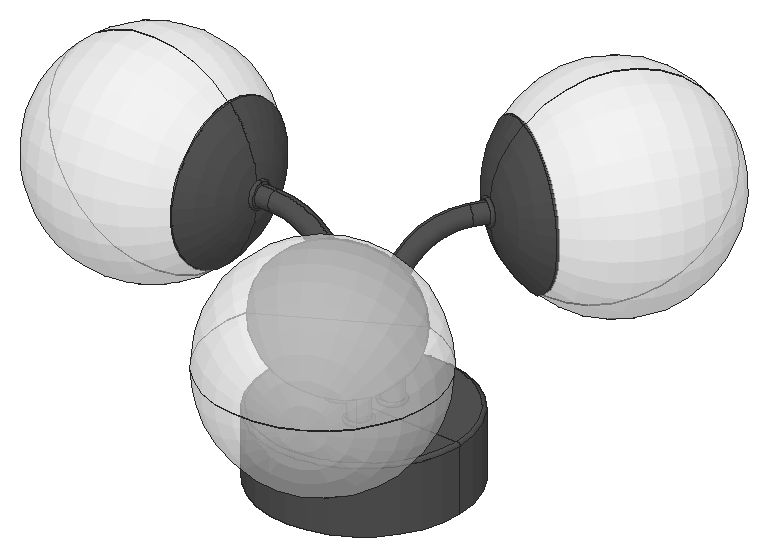
Revit family "AFX-Metropolitan-Semi_Flush", category Lighting Fixtures, host Face, Revit 2022
Family settings
  Host = Face
  Round Connector Dimension = Use Diameter
  Part Type = Normal
  Cut with Voids When Loaded = No
  Light Source = No
  Maintain Annotation Orientation = No
  Shared = No
  Room Calculation Point = No
Parameters (values of type "METC15")
  Wattage Comments = "18W"
  Voltage = 120 V
  URL = "https://www.afxinc.com/"
  Type Comments = "Metropolitan"  # constant formula
  Sustainability = "https://lamprecycle.org/en/"
  Support Finish = AFX - Paint Black
  Revit Model Built By = "https://www.servex-us.com/servex-revit/"
  Product Documentation Link = "https://www.afxinc.com/products/productDetail.cfm?productID=1647"
  Power Factor = 1
  Model = "METC15"  # constant formula
  Manufacturer = "AFX Inc"  # constant formula
  Keynote = "12500"  # constant formula
  Diffuser Finish = AFX - Diffuser
  Diameter = 15 1/2"
  Description = "LED Semi Flush - 15 1/2\" Dia x 7 3/4\"D"
  Depth = 7 3/4"
  Default Elevation = 48"
  Canopy Finish = AFX - Paint Black
  Assembly Code = "D5020200"
  Apparent Load = 0 VA
Reference planes (in)
  plane 1 "Center (Front/Back)": y = 0
  plane 2: z = 0
  plane 3 "Center (Left/Right)": x = 0
  plane 4: x = -7.75
  plane 5: x = 7.75
  plane 6: y = 7.75
  plane 7: y = -7.75
  plane 8: z = 7.75
Forms (in)
  Revolve 1, solid, material "AFX - Paint Black" <- "Canopy Finish"
    sketch origin (0, 0, 0) x (1, 0, 0) y (0, 0, 1)
      loop
        line (0, 1.5748) -> (0, 0) -> (2.3622, 0) -> (2.3622, 1.49753)
        arc (2.3622, 1.49753) -> (2.33957, 1.55217) -> (2.28493, 1.5748) r 0.07727
        line (2.28493, 1.5748) -> (0, 1.5748)
      axis (0, 1.5748) -> (0, 0)
    angle from 0 to 360
  Sweep 2, solid, material "AFX - Paint Black" <- "Support Finish"
    path origin (0, 0, 0) x (1, 0, 0) y (0, 0, 1)
      loop
        line (-2.51969, 5.54519) -> (-2.16445, 5.54519)
        arc (-2.16445, 5.54519) -> (-0.88869, 5.01675) -> (-0.36025, 3.74099) r 1.8042
        line (-0.36025, 3.74099) -> (-0.36025, 1.65354)
    profile origin (-2.34207, 0, 5.54519) x (0, 0, 1) y (0, -1, 0)
      loop
        circle (-0.23034, 0) r 0.23034
  Sweep 3, solid, material "AFX - Paint Black" <- "Support Finish"
    path origin (0, 0, 0) x (-0.5, -0.866025, 0) y (0, 0, 1)
      loop
        line (-2.51969, 5.54519) -> (-2.16445, 5.54519)
        arc (-2.16445, 5.54519) -> (-0.88869, 5.01675) -> (-0.36025, 3.74099) r 1.8042
        line (-0.36025, 3.74099) -> (-0.36025, 1.65354)
    profile origin (1.17103, 2.02829, 5.54519) x (0, 0, 1) y (-0.866025, 0.5, 0)
      loop
        circle (-0.23034, 0) r 0.23034
  Sweep 4, solid, material "AFX - Paint Black" <- "Support Finish"
    path origin (0, 0, 0) x (-0.5, 0.866025, 0) y (0, 0, -1)
      loop
        line (-2.51969, -5.54519) -> (-2.16445, -5.54519)
        arc (-2.16445, -5.54519) -> (-0.88869, -5.01675) -> (-0.36025, -3.74099) r 1.8042
        line (-0.36025, -3.74099) -> (-0.36025, -1.65354)
    profile origin (1.17103, -2.02829, 5.54519) x (0, 0, -1) y (-0.866025, -0.5, 0)
      loop
        circle (0.23034, 0) r 0.23034
  Revolve 5, solid, material "AFX - Paint Black" <- "Support Finish"
    sketch origin (0, 0, 0) x (1, 0, 0) y (0, 0, 1)
      loop
        line (-0.59059, 1.65354) -> (-0.59059, 1.5748) -> (-0.32085, 1.5748)
        arc (-0.32085, 1.5748) -> (-0.28148, 1.61417) -> (-0.32085, 1.65354) r 0.03937
        line (-0.32085, 1.65354) -> (-0.59059, 1.65354)
      axis (-0.59059, 1.5748) -> (-0.59059, 1.65354)
    angle from 0 to 360
  Revolve 6, solid, material "AFX - Paint Black" <- "Support Finish"
    sketch origin (0, 0, 0) x (-0.5, -0.866025, 0) y (0, 0, 1)
      loop
        line (-0.59059, 1.65354) -> (-0.59059, 1.5748) -> (-0.32085, 1.5748)
        arc (-0.32085, 1.5748) -> (-0.28148, 1.61417) -> (-0.32085, 1.65354) r 0.03937
        line (-0.32085, 1.65354) -> (-0.59059, 1.65354)
      axis (-0.59059, 1.5748) -> (-0.59059, 1.65354)
    angle from 0 to 360
  Revolve 7, solid, material "AFX - Paint Black" <- "Support Finish"
    sketch origin (0, 0, 0) x (-0.5, 0.866025, 0) y (0, 0, -1)
      loop
        line (-0.59059, -1.65354) -> (-0.32085, -1.65354)
        arc (-0.32085, -1.65354) -> (-0.28148, -1.61417) -> (-0.32085, -1.5748) r 0.03937
        line (-0.32085, -1.5748) -> (-0.59059, -1.5748) -> (-0.59059, -1.65354)
      axis (-0.59059, -1.5748) -> (-0.59059, -1.65354)
    angle from 0 to 360
  Revolve 8, solid, material "AFX - Paint Black" <- "Support Finish"
    sketch origin (0, 0, 0) x (1, 0, 0) y (0, 0, 1)
      loop
        line (-2.59843, 5.31496) -> (-2.51969, 5.31496) -> (-2.51969, 5.58467)
        arc (-2.51969, 5.58467) -> (-2.55906, 5.62404) -> (-2.59843, 5.58467) r 0.03937
        line (-2.59843, 5.58467) -> (-2.59843, 5.31496)
      axis (-2.59843, 5.31496) -> (-2.51969, 5.31496)
    angle from 0 to 360
  Revolve 9, solid, material "AFX - Paint Black" <- "Support Finish"
    sketch origin (0, 0, 0) x (-0.5, -0.866025, 0) y (0, 0, 1)
      loop
        line (-2.59843, 5.31496) -> (-2.51969, 5.31496) -> (-2.51969, 5.58467)
        arc (-2.51969, 5.58467) -> (-2.55906, 5.62404) -> (-2.59843, 5.58467) r 0.03937
        line (-2.59843, 5.58467) -> (-2.59843, 5.31496)
      axis (-2.59843, 5.31496) -> (-2.51969, 5.31496)
    angle from 0 to 360
  Revolve 10, solid, material "AFX - Paint Black" <- "Support Finish"
    sketch origin (0, 0, 0) x (-0.5, 0.866025, 0) y (0, 0, -1)
      loop
        line (-2.59843, -5.31496) -> (-2.59843, -5.58467)
        arc (-2.59843, -5.58467) -> (-2.55906, -5.62404) -> (-2.51969, -5.58467) r 0.03937
        line (-2.51969, -5.58467) -> (-2.51969, -5.31496) -> (-2.59843, -5.31496)
      axis (-2.59843, -5.31496) -> (-2.51969, -5.31496)
    angle from 0 to 360
Lines and regions (in)
  symbolic lines
    curve 1: circle (0, 0, 0) r 2.3622 normal (0, 0, 1)
    curve 14: line (-2.51969, 0.26971, 0) -> (-2.51969, -0.2698, 0)
    curve 15: line (-2.59843, 0.26971, 0) -> (-2.59843, -0.2698, 0)
    curve 16: arc (-2.51969, 0.26971, 0) -> (-2.55906, 0.30908, 0) -> (-2.59843, 0.26971, 0) r 0.03937
    curve 17: arc (-2.59843, -0.2698, 0) -> (-2.55906, -0.30917, 0) -> (-2.51969, -0.2698, 0) r 0.03937
    curve 18: line (-2.35095, 0.23034, 0) -> (-2.51969, 0.23034, 0)
    curve 19: line (-2.35095, -0.23034, 0) -> (-2.51969, -0.23034, 0)
    curve 20: line (1.49342, 2.04726, 0) -> (1.02619, 2.31701, 0)
    curve 21: line (1.53279, 2.11545, 0) -> (1.06556, 2.3852, 0)
    curve 22: arc (1.49342, 2.04726, 0) -> (1.5472, 2.06167, 0) -> (1.53279, 2.11545, 0) r 0.03937
    curve 23: arc (1.06556, 2.3852, 0) -> (1.01178, 2.37079, 0) -> (1.02619, 2.31701, 0) r 0.03937
    curve 24: line (1.37495, 1.92081, 0) -> (1.45932, 2.06694, 0)
    curve 25: line (0.97599, 2.15115, 0) -> (1.06036, 2.29728, 0)
    curve 26: line (1.49342, -2.04726, 0) -> (1.02619, -2.31701, 0)
    curve 27: line (1.53279, -2.11545, 0) -> (1.06556, -2.3852, 0)
    curve 28: arc (1.49342, -2.04726, 0) -> (1.5472, -2.06167, 0) -> (1.53279, -2.11545, 0) r 0.03937
    curve 29: arc (1.06556, -2.3852, 0) -> (1.01178, -2.37079, 0) -> (1.02619, -2.31701, 0) r 0.03937
    curve 30: line (1.37495, -1.92081, 0) -> (1.45932, -2.06694, 0)
    curve 31: line (0.97599, -2.15115, 0) -> (1.06036, -2.29728, 0)
  symbolic lines, style "LightingFixturesHiddenLines", detail levels medium+fine
    curve 2: line (-2.35095, 0.23034, 0) -> (-0.58901, 0.23034, 0)
    curve 3: line (-2.35095, -0.23034, 0) -> (-0.58901, -0.23034, 0)
    curve 4: arc (-0.58901, 0.23034, 0) -> (-0.35867, 0, 0) -> (-0.58901, -0.23034, 0) r 0.23034
    curve 5: arc (-0.80121, 0.23034, 0) -> (-0.28213, 0, 0) -> (-0.80121, -0.23034, 0) r 0.31065
    curve 6: line (1.37495, 1.92081, 0) -> (0.49399, 0.39493, 0)
    curve 7: line (0.97599, 2.15115, 0) -> (0.09502, 0.62527, 0)
    curve 8: arc (0.49399, 0.39493, 0) -> (0.17934, 0.31062, 0) -> (0.09502, 0.62527, 0) r 0.23034
    curve 9: arc (0.60009, 0.5787, 0) -> (0.14107, 0.24433, 0) -> (0.20112, 0.80904, 0) r 0.31065
    curve 10: line (1.37495, -1.92081, 0) -> (0.49399, -0.39493, 0)
    curve 11: line (0.97599, -2.15115, 0) -> (0.09502, -0.62527, 0)
    curve 12: arc (0.49399, -0.39493, 0) -> (0.17934, -0.31062, 0) -> (0.09502, -0.62527, 0) r 0.23034
    curve 13: arc (0.60009, -0.5787, 0) -> (0.14107, -0.24433, 0) -> (0.20112, -0.80904, 0) r 0.31065
Dimensions and locks (in)
  "Diameter": plane 4 to plane 5
  "Diameter": plane 6 to plane 7
  equal spacing: plane 4, plane 3 "Center (Left/Right)", plane 5
  equal spacing: plane 6, plane 1 "Center (Front/Back)", plane 7
  "Depth": plane 8 to plane 2
  aligned and locked: plane 2 to host face
  aligned and locked: level to host face
  aligned and locked: plane 1 "Center (Front/Back)" to nested 3
Automatic sketch dimensions
  host sketch curve to host sketch curve = 96"  (x2)
  Revolve 1 sketch curve to plane 3 "Center (Left/Right)" = 0"  (x2)
  Revolve 1 sketch curve to level = 0"
  level to Revolve 1 sketch curve = 1.49753"
  plane 3 "Center (Left/Right)" to Revolve 1 sketch curve = 2.28493"
  Revolve 1 sketch curve to Revolve 1 sketch curve = 0.07727"
  Revolve 1 sketch curve to level = 2 3/4"
  Revolve 1 sketch curve to Revolve 1 sketch curve = 1.9252"
  Sweep 2 sketch curve to plane 3 "Center (Left/Right)" = 2.16445"
  Sweep 2 sketch curve to plane 3 "Center (Left/Right)" = 0.36025"
  level to Sweep 2 sketch curve = 3.74099"
  Sweep 2 sketch curve to Sweep 2 sketch curve = 0.35523"
  level to Sweep 2 sketch curve = 1.65354"
  Sweep 2 sketch curve to plane 1 "Center (Front/Back)" = 0"
  profile plane to Sweep 2 sketch curve = 0.23034"
  level to Sweep 3 sketch curve = 3.74099"
  Sweep 3 sketch curve to Sweep 3 sketch curve = 1.8042"
  Sweep 3 sketch curve to Sweep 3 sketch curve = 0.35523"
  level to Sweep 3 sketch curve = 1.65354"
  Sweep 3 sketch curve to profile plane = 0"
  profile plane to Sweep 3 sketch curve = 0.23034"
  level to Sweep 4 sketch curve = 3.74099"
  Sweep 4 sketch curve to Sweep 4 sketch curve = 1.8042"
  Sweep 4 sketch curve to Sweep 4 sketch curve = 0.35523"
  level to Sweep 4 sketch curve = 1.65354"
  Sweep 4 sketch curve to profile plane = 0"
  Sweep 4 sketch curve to profile plane = 0.23034"
  Revolve 5 sketch curve to plane 3 "Center (Left/Right)" = 0.59059"
  Revolve 5 sketch curve to Revolve 5 sketch curve = 0.26974"
  level to Revolve 5 sketch curve = 1.5748"
  Revolve 5 sketch curve to Revolve 5 sketch curve = 0.03937"
  Revolve 5 sketch curve to Revolve 5 sketch curve = 0"
  Revolve 5 sketch curve to Revolve 5 sketch curve = 0.30715"
  Revolve 5 sketch curve to Revolve 5 sketch curve = 1/4"
  level to Revolve 6 sketch curve = 1.65354"
  Revolve 6 sketch curve to Revolve 6 sketch curve = 0.26974"
  Revolve 6 sketch curve to Revolve 6 sketch curve = 0.03937"
  Revolve 6 sketch curve to Revolve 6 sketch curve = 0"
  Revolve 6 sketch curve to Revolve 6 sketch curve = 0.30715"
  Revolve 6 sketch curve to Revolve 6 sketch curve = 1/4"
  level to Revolve 7 sketch curve = 1.65354"
  Revolve 7 sketch curve to Revolve 7 sketch curve = 0.26974"
  Revolve 7 sketch curve to Revolve 7 sketch curve = 0.03937"
  Revolve 7 sketch curve to Revolve 7 sketch curve = 0"
  Revolve 7 sketch curve to Revolve 7 sketch curve = 1/4"
  Revolve 7 sketch curve to Revolve 7 sketch curve = 0.30715"
  Revolve 8 sketch curve to plane 3 "Center (Left/Right)" = 2.59843"
  Revolve 8 sketch curve to Revolve 8 sketch curve = 0.03937"
  Revolve 8 sketch curve to plane 8 = 2.43504"
  Revolve 8 sketch curve to Revolve 8 sketch curve = 0.26971"
  Revolve 8 sketch curve to Revolve 8 sketch curve = 0.07058"
  Revolve 8 sketch curve to Revolve 8 sketch curve = 0.05836"
  Revolve 8 sketch curve to Revolve 8 sketch curve = 0"
  Revolve 9 sketch curve to plane 8 = 2.43504"
  Revolve 9 sketch curve to Revolve 9 sketch curve = 0.03937"
  Revolve 9 sketch curve to Revolve 9 sketch curve = 0.26971"
  Revolve 9 sketch curve to Revolve 9 sketch curve = 0.07058"
  Revolve 9 sketch curve to Revolve 9 sketch curve = 0.05836"
  Revolve 9 sketch curve to Revolve 9 sketch curve = 0"
  Revolve 10 sketch curve to plane 8 = 2.43504"
  Revolve 10 sketch curve to Revolve 10 sketch curve = 0.03937"
  Revolve 10 sketch curve to Revolve 10 sketch curve = 0.26971"
  Revolve 10 sketch curve to Revolve 10 sketch curve = 0.07058"
  Revolve 10 sketch curve to Revolve 10 sketch curve = 0.05836"
  Revolve 10 sketch curve to Revolve 10 sketch curve = 0"
  plane 1 "Center (Front/Back)" to curve 5 = 0"
  plane 1 "Center (Front/Back)" to curve 4 = 0"
  plane 1 "Center (Front/Back)" to curve 1 = 0"
  curve 1 to plane 3 "Center (Left/Right)" = 0"
  curve 4 to plane 3 "Center (Left/Right)" = 0.58901"
  curve 5 to curve 4 = 0.00377"
  curve 14 to plane 1 "Center (Front/Back)" = 0.26971"
  curve 14 to curve 4 = 1.93067"
  curve 17 to curve 14 = 0.03937"
  plane 3 "Center (Left/Right)" to curve 7 = 0.09502"
  plane 3 "Center (Left/Right)" to curve 11 = 0.09502"
  curve 7 to curve 8 = 0.19948"
  curve 12 to curve 12 = 0.19948"
  curve 12 to curve 13 = 0.00188"
  curve 8 to curve 9 = 0.00188"
  curve 6 to plane 1 "Center (Front/Back)" = 0.39493"
  curve 8 to curve 6 = 0.19948"
  plane 1 "Center (Front/Back)" to curve 10 = 0.39493"
  curve 12 to curve 10 = 0.19948"
  plane 3 "Center (Left/Right)" to curve 20 = 1.02619"
  plane 3 "Center (Left/Right)" to curve 26 = 1.02619"
  curve 26 to curve 29 = 0.01969"
  curve 20 to curve 23 = 0.01969"
  curve 29 to curve 27 = 0.01969"
  curve 23 to curve 21 = 0.01969"
  curve 29 to curve 26 = 0.46723"
  curve 23 to curve 20 = 0.46723"
  curve 26 to curve 28 = 0.01969"
  curve 20 to curve 22 = 0.01969"
  curve 22 to curve 21 = 0.01969"
  curve 28 to curve 27 = 0.01969"
  curve 12 to curve 10 = 0.11517"
  curve 13 to curve 12 = 0.00326"
  curve 26 to curve 12 = 1 167/256"
  curve 28 to curve 26 = 0.0341"
  curve 26 to curve 26 = 0.26976"
  curve 29 to curve 26 = 0.0341"
  plane 1 "Center (Front/Back)" to curve 15 = 0.2698"
  plane 1 "Center (Front/Back)" to curve 3 = 0.23034"
  curve 6 to curve 8 = 0.11517"
  curve 8 to curve 9 = 0.00326"
  curve 8 to curve 20 = 1 167/256"
  curve 20 to curve 22 = 0.0341"
  curve 20 to curve 20 = 0.26976"
  curve 20 to curve 23 = 0.0341"
  curve 5 to curve 4 = 0.2122"
  curve 19 to curve 19 = 0.16874"
  curve 18 to curve 2 = 0.16874"
  curve 18 to curve 2 = 0"
  plane 3 "Center (Left/Right)" to curve 13 = 0.20112"
  plane 3 "Center (Left/Right)" to curve 9 = 0.20112"
  curve 12 to curve 13 = 0.1061"
  curve 8 to curve 9 = 0.1061"
  curve 7 to plane 1 "Center (Front/Back)" = 2.15115"
  plane 1 "Center (Front/Back)" to curve 11 = 2.15115"
  curve 31 to curve 11 = 0"
  curve 25 to curve 7 = 0"
  curve 25 to plane 1 "Center (Front/Back)" = 2.29728"
  curve 30 to curve 10 = 0"
  curve 24 to curve 6 = 0"
  curve 24 to plane 1 "Center (Front/Back)" = 2.06694"
  radius of Sweep 2 sketch curve = 0.23034"
  radius of Sweep 3 sketch curve = 0.23034"
  radius of Sweep 4 sketch curve = 0.23034"
Nested families (in)
  nested 1: "Lighting" at (1.29921, -2.2503, 5.31485) x (0.866, 0.5, 0) z (0.5, -0.866, 0), Diffuser Finish <- "Diffuser Finish", Support Finish <- "Support Finish", type "Lighting"
    with Support Finish AFX - Paint Black, Diffuser Finish AFX - Diffuser
  nested 2: "Lighting" at (1.29921, 2.2503, 5.31485) x (0, 0, 1) z (0.5, 0.866, 0), Diffuser Finish <- "Diffuser Finish", Support Finish <- "Support Finish", type "Lighting"
    with Support Finish AFX - Paint Black, Diffuser Finish AFX - Diffuser
  nested 3: "Lighting" at (-2.59843, 0, 5.31485) x (0, 0, 1) z (-1, 0, 0), Diffuser Finish <- "Diffuser Finish", Support Finish <- "Support Finish", type "Lighting"
    with Support Finish AFX - Paint Black, Diffuser Finish AFX - Diffuser
Connectors (in)
  electrical at (0, 0, 0), driven by "Voltage", driven by "Apparent Load", driven by "Power Factor"
    settings: on Revolve 1, index 1, voltage 120 V, apparent load 0 VA, apparent load phase1 0 VA, apparent load phase2 0 VA, apparent load phase3 0 VA, power factor 1, load classification "Lighting", number of poles 1, system type 31, power factor state 1, is connector primary yes, connector utility no, sub classification motor no, connector description ""
Definition of nested family "Lighting"
  Parameters (values of type "Lighting")
    Wattage = 18 W
    built-in parameter 1150110 = 1 (stored number, unit not read)
    built-in parameter 1114217 = 1 (stored number, unit not read)
    Tilt Angle = 90.00°
    built-in parameter 1150109 = 1 (stored number, unit not read)
    built-in parameter 1150134 = (empty or 0)
    built-in parameter 1150113 = 1 (stored number, unit not read)
    Support Finish [instance] = none
    Photometric Web File = "METC15LxxD1xx.IES"
    built-in parameter 1150105 = 2204.5 (stored number, unit not read)
    Lumens = 23850 lm
    built-in parameter 1150115 = 1 (stored number, unit not read)
    built-in parameter 1150137 = (empty or 0)
    built-in parameter 1150139 = (empty or 0)
    built-in parameter 1150112 = 1 (stored number, unit not read)
    built-in parameter 1150114 = 1 (stored number, unit not read)
    built-in parameter 1150132 = (empty or 0)
    built-in parameter 1150102 = (empty or 0)
    built-in parameter 1150107 = 3000 (stored number, unit not read)
    built-in parameter 1150138 = (empty or 0)
    built-in parameter 1150106 = 22.045 (stored number, unit not read)
    Emit from Circle Diameter = 5"
    Emit Shape Visible in Rendering = no
    built-in parameter 1150104 = 123.1 (stored number, unit not read)
    Dimming Lamp Color Temperature Shift = (empty or 0)
    Diffuser Finish [instance] = none
    Default Elevation = 48"
    Color Filter = 16777215
    built-in parameter 1114218 = 1 (stored number, unit not read)
    built-in parameter 1150133 = 10 (stored number, unit not read)
  Reference planes (in)
    plane 1 "Center (Front/Back)": y = 0
    plane 2: z = 0
    plane 3 "Center (Left/Right)": x = 0
  Forms (in)
    Extrusion 1, solid
      sketch origin (0, 0, 0) x (1, 0, 0) y (0, 1, 0)
        loop
          line (-48, 48) -> (-48, -48) -> (48, -48) -> (48, 48) -> (-48, 48)
      from 0 to -12
    Revolve 2, solid, material <- "Support Finish"
      sketch origin (0, 0, 0) x (1, 0, 0) y (0, 0, 1)
        loop
          line (0, 0) -> (0.19976, 0)
          arc (0.19976, 0) -> (1.04676, 0.21575) -> (1.77125, 0.70472) r 2.55144
          line (1.77125, 0.70472) -> (1.77125, 0.73743) -> (0, 0.73743) -> (0, 0)
        axis (0, 0.73743) -> (0, 0)
      angle from 0 to 360
    Revolve 3, solid, material <- "Diffuser Finish"
      sketch origin (0, 0, 0) x (1, 0, 0) y (0, 0, 1)
        loop
          arc (1.76377, 0.73743) -> (2.37436, 3.53937) -> (0, 5.14752) r 2.55806
          line (0, 5.14752) -> (0, 0.73743) -> (1.76377, 0.73743)
        axis (0, 5.14752) -> (0, 0.73743)
      angle from 0 to 360
  Lines and regions (in)
    symbolic lines
      curve 1: arc (1.76377, 0, 0.73743) -> (0, 0, 5.14854) -> (-1.76377, 0, 0.73743) r 2.55817
      curve 2: line (-1.77125, 0, 0.73743) -> (1.77125, 0, 0.73743)
      curve 3: line (1.77125, 0, 0.73743) -> (1.77125, 0, 0.70472)
      curve 4: line (-1.77125, 0, 0.73743) -> (-1.77125, 0, 0.70472)
      curve 5: line (0.19976, 0, 0) -> (-0.19976, 0, 0)
      curve 6: arc (-0.19976, 0, 0) -> (-1.04687, 0, 0.21552) -> (-1.77125, 0, 0.70472) r 2.54738
      curve 7: arc (1.77125, 0, 0.70472) -> (1.0469, 0, 0.21544) -> (0.19976, 0, 0) r 2.54599
  Dimensions and locks (in)
    aligned and locked: plane 2 to Extrusion 1
    aligned and locked: level to Extrusion 1
